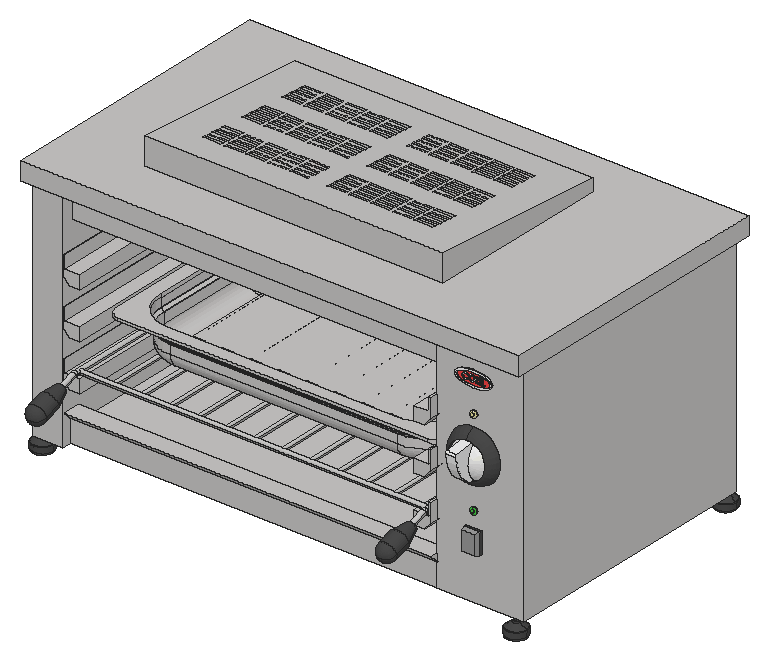
Revit family "QF_COZIL_SLEC-80", category Equipamento especial, Revit 2020 (continued)
Lines and regions (mm)
  symbolic lines
    curve 494: line (220.242, -326.5, 0) -> (220.242, -321.5, 0)
    curve 495: line (250.242, -326.5, 0) -> (220.242, -326.5, 0)
    curve 496: line (250.242, -321.5, 0) -> (250.242, -326.5, 0)
    curve 497: line (255.242, -321.5, 0) -> (285.242, -321.5, 0)
    curve 498: line (255.242, -326.5, 0) -> (255.242, -321.5, 0)
    curve 499: line (285.242, -326.5, 0) -> (255.242, -326.5, 0)
    curve 500: line (285.242, -321.5, 0) -> (285.242, -326.5, 0)
    curve 501: line (290.242, -321.5, 0) -> (320.242, -321.5, 0)
    curve 502: line (290.242, -326.5, 0) -> (290.242, -321.5, 0)
    curve 503: line (320.242, -326.5, 0) -> (290.242, -326.5, 0)
    curve 504: line (320.242, -321.5, 0) -> (320.242, -326.5, 0)
    curve 505: line (325.242, -321.5, 0) -> (355.242, -321.5, 0)
    curve 506: line (325.242, -326.5, 0) -> (325.242, -321.5, 0)
    curve 507: line (355.242, -326.5, 0) -> (325.242, -326.5, 0)
    curve 508: line (355.242, -321.5, 0) -> (355.242, -326.5, 0)
    curve 509: line (385.242, -281.5, 0) -> (415.242, -281.5, 0)
    curve 510: line (385.242, -286.5, 0) -> (385.242, -281.5, 0)
    curve 511: line (415.242, -286.5, 0) -> (385.242, -286.5, 0)
    curve 512: line (415.242, -281.5, 0) -> (415.242, -286.5, 0)
    curve 513: line (420.242, -281.5, 0) -> (450.242, -281.5, 0)
    curve 514: line (420.242, -286.5, 0) -> (420.242, -281.5, 0)
    curve 515: line (450.242, -286.5, 0) -> (420.242, -286.5, 0)
    curve 516: line (450.242, -281.5, 0) -> (450.242, -286.5, 0)
    curve 517: line (455.242, -281.5, 0) -> (485.242, -281.5, 0)
    curve 518: line (455.242, -286.5, 0) -> (455.242, -281.5, 0)
    curve 519: line (485.242, -286.5, 0) -> (455.242, -286.5, 0)
    curve 520: line (485.242, -281.5, 0) -> (485.242, -286.5, 0)
    curve 521: line (490.242, -281.5, 0) -> (520.242, -281.5, 0)
    curve 522: line (490.242, -286.5, 0) -> (490.242, -281.5, 0)
    curve 523: line (520.242, -286.5, 0) -> (490.242, -286.5, 0)
    curve 524: line (520.242, -281.5, 0) -> (520.242, -286.5, 0)
    curve 525: line (525.242, -281.5, 0) -> (555.242, -281.5, 0)
    curve 526: line (525.242, -286.5, 0) -> (525.242, -281.5, 0)
    curve 527: line (555.242, -286.5, 0) -> (525.242, -286.5, 0)
    curve 528: line (555.242, -281.5, 0) -> (555.242, -286.5, 0)
    curve 529: line (385.242, -291.5, 0) -> (415.242, -291.5, 0)
    curve 530: line (385.242, -296.5, 0) -> (385.242, -291.5, 0)
    curve 531: line (415.242, -296.5, 0) -> (385.242, -296.5, 0)
    curve 532: line (415.242, -291.5, 0) -> (415.242, -296.5, 0)
    curve 533: line (420.242, -291.5, 0) -> (450.242, -291.5, 0)
    curve 534: line (420.242, -296.5, 0) -> (420.242, -291.5, 0)
    curve 535: line (450.242, -296.5, 0) -> (420.242, -296.5, 0)
    curve 536: line (450.242, -291.5, 0) -> (450.242, -296.5, 0)
    curve 537: line (455.242, -291.5, 0) -> (485.242, -291.5, 0)
    curve 538: line (455.242, -296.5, 0) -> (455.242, -291.5, 0)
    curve 539: line (485.242, -296.5, 0) -> (455.242, -296.5, 0)
    curve 540: line (485.242, -291.5, 0) -> (485.242, -296.5, 0)
    curve 541: line (490.242, -291.5, 0) -> (520.242, -291.5, 0)
    curve 542: line (490.242, -296.5, 0) -> (490.242, -291.5, 0)
    curve 543: line (520.242, -296.5, 0) -> (490.242, -296.5, 0)
    curve 544: line (520.242, -291.5, 0) -> (520.242, -296.5, 0)
    curve 545: line (525.242, -291.5, 0) -> (555.242, -291.5, 0)
    curve 546: line (525.242, -296.5, 0) -> (525.242, -291.5, 0)
    curve 547: line (555.242, -296.5, 0) -> (525.242, -296.5, 0)
    curve 548: line (555.242, -291.5, 0) -> (555.242, -296.5, 0)
    curve 549: line (385.242, -301.5, 0) -> (415.242, -301.5, 0)
    curve 550: line (385.242, -306.5, 0) -> (385.242, -301.5, 0)
    curve 551: line (415.242, -306.5, 0) -> (385.242, -306.5, 0)
    curve 552: line (415.242, -301.5, 0) -> (415.242, -306.5, 0)
    curve 553: line (420.242, -301.5, 0) -> (450.242, -301.5, 0)
    curve 554: line (420.242, -306.5, 0) -> (420.242, -301.5, 0)
    curve 555: line (450.242, -306.5, 0) -> (420.242, -306.5, 0)
    curve 556: line (450.242, -301.5, 0) -> (450.242, -306.5, 0)
    curve 557: line (455.242, -301.5, 0) -> (485.242, -301.5, 0)
    curve 558: line (455.242, -306.5, 0) -> (455.242, -301.5, 0)
    curve 559: line (485.242, -306.5, 0) -> (455.242, -306.5, 0)
    curve 560: line (485.242, -301.5, 0) -> (485.242, -306.5, 0)
    curve 561: line (490.242, -301.5, 0) -> (520.242, -301.5, 0)
    curve 562: line (490.242, -306.5, 0) -> (490.242, -301.5, 0)
    curve 563: line (520.242, -306.5, 0) -> (490.242, -306.5, 0)
    curve 564: line (520.242, -301.5, 0) -> (520.242, -306.5, 0)
    curve 565: line (525.242, -301.5, 0) -> (555.242, -301.5, 0)
    curve 566: line (525.242, -306.5, 0) -> (525.242, -301.5, 0)
    curve 567: line (555.242, -306.5, 0) -> (525.242, -306.5, 0)
    curve 568: line (555.242, -301.5, 0) -> (555.242, -306.5, 0)
    curve 569: line (385.242, -311.5, 0) -> (415.242, -311.5, 0)
    curve 570: line (385.242, -316.5, 0) -> (385.242, -311.5, 0)
    curve 571: line (415.242, -316.5, 0) -> (385.242, -316.5, 0)
    curve 572: line (415.242, -311.5, 0) -> (415.242, -316.5, 0)
    curve 573: line (420.242, -311.5, 0) -> (450.242, -311.5, 0)
    curve 574: line (420.242, -316.5, 0) -> (420.242, -311.5, 0)
    curve 575: line (450.242, -316.5, 0) -> (420.242, -316.5, 0)
    curve 576: line (450.242, -311.5, 0) -> (450.242, -316.5, 0)
    curve 577: line (455.242, -311.5, 0) -> (485.242, -311.5, 0)
    curve 578: line (455.242, -316.5, 0) -> (455.242, -311.5, 0)
    curve 579: line (485.242, -316.5, 0) -> (455.242, -316.5, 0)
    curve 580: line (485.242, -311.5, 0) -> (485.242, -316.5, 0)
    curve 581: line (490.242, -311.5, 0) -> (520.242, -311.5, 0)
    curve 582: line (490.242, -316.5, 0) -> (490.242, -311.5, 0)
    curve 583: line (520.242, -316.5, 0) -> (490.242, -316.5, 0)
    curve 584: line (520.242, -311.5, 0) -> (520.242, -316.5, 0)
    curve 585: line (525.242, -311.5, 0) -> (555.242, -311.5, 0)
    curve 586: line (525.242, -316.5, 0) -> (525.242, -311.5, 0)
    curve 587: line (555.242, -316.5, 0) -> (525.242, -316.5, 0)
    curve 588: line (555.242, -311.5, 0) -> (555.242, -316.5, 0)
    curve 589: line (385.242, -321.5, 0) -> (415.242, -321.5, 0)
    curve 590: line (385.242, -326.5, 0) -> (385.242, -321.5, 0)
    curve 591: line (415.242, -326.5, 0) -> (385.242, -326.5, 0)
    curve 592: line (415.242, -321.5, 0) -> (415.242, -326.5, 0)
    curve 593: line (420.242, -321.5, 0) -> (450.242, -321.5, 0)
    curve 594: line (420.242, -326.5, 0) -> (420.242, -321.5, 0)
    curve 595: line (450.242, -326.5, 0) -> (420.242, -326.5, 0)
    curve 596: line (450.242, -321.5, 0) -> (450.242, -326.5, 0)
    curve 597: line (455.242, -321.5, 0) -> (485.242, -321.5, 0)
    curve 598: line (455.242, -326.5, 0) -> (455.242, -321.5, 0)
    curve 599: line (485.242, -326.5, 0) -> (455.242, -326.5, 0)
    curve 600: line (485.242, -321.5, 0) -> (485.242, -326.5, 0)
    curve 601: line (490.242, -321.5, 0) -> (520.242, -321.5, 0)
    curve 602: line (490.242, -326.5, 0) -> (490.242, -321.5, 0)
    curve 603: line (520.242, -326.5, 0) -> (490.242, -326.5, 0)
    curve 604: line (520.242, -321.5, 0) -> (520.242, -326.5, 0)
    curve 605: line (525.242, -321.5, 0) -> (555.242, -321.5, 0)
    curve 606: line (525.242, -326.5, 0) -> (525.242, -321.5, 0)
    curve 607: line (555.242, -326.5, 0) -> (525.242, -326.5, 0)
    curve 608: line (555.242, -321.5, 0) -> (555.242, -326.5, 0)
Dimensions and locks
  "Length Actual": plane 3 "Centro (Esquerda/Direita)" to plane 5
  "Height Actual": plane 6 to plane 1 "Centro (Frontal/Traseira)"
  level to plane 10 = 20 mm
  plane 10 to plane 11 = 440 mm
  "Height Actual": level to plane 11
  level to plane 12 = 416.366 mm
  locked: plane 1 "Centro (Frontal/Traseira)" to Extrusion 2 sketch curve at 11
  locked: Extrusion 2 sketch curve to plane 6 at 11
  locked: plane 13 to plane 3 "Centro (Esquerda/Direita)" at 60
  locked: plane 5 to plane 14 at 150
  locked: Extrusion 1 sketch curve to plane 12 at 30
  Extrusion 3 sketch curve to Extrusion 2 = 17 mm
  locked: Extrusion 3 sketch curve to Extrusion 1 at 45
  locked: Extrusion 5 sketch curve to plane 10 at 50
  Extrusion 2 to Extrusion 6 sketch curve = 64 mm
  equal spacing: plane 14, plane 15, plane 13
  plane 12 to plane 11 = 43.634 mm
  nested 3 to plane 5 = 80.5 mm
  locked: plane 1 "Centro (Frontal/Traseira)" to plane 16 at 20
  locked: plane 17 to plane 6 at 20
  locked: plane 18 to plane 3 "Centro (Esquerda/Direita)" at 20
  locked: plane 5 to plane 19 at 20
  plane 10 to nested 11 = 331 mm
  locked: plane 20 to plane 5 at 11
  locked: plane 21 to plane 3 "Centro (Esquerda/Direita)" at 11
  plane 6 to plane 9 = 86 mm
  plane 9 to plane 4 = 300 mm
  plane 3 "Centro (Esquerda/Direita)" to plane 7 = 131.242 mm
  plane 8 to plane 5 = 190.758 mm
  equal spacing: plane 20, nested 3, plane 14
  equal spacing: plane 20, nested 11, plane 14
  equal spacing: plane 20, nested 9, plane 14
  equal spacing: plane 20, nested 10, plane 14
  plane 5 to Extrusion 10 sketch curve = 66 mm
  level to Extrusion 10 sketch curve = 89.2 mm
  aligned and locked: level to plane 2
  aligned and locked: Extrusion 1 sketch curve to plane 1 "Centro (Frontal/Traseira)"
  aligned and locked: plane 12 to Extrusion 1 sketch curve
  aligned and locked: plane 6 to Extrusion 1 sketch curve
  aligned and locked: Extrusion 2 sketch curve to plane 10
  aligned and locked: plane 13 to Extrusion 2
  aligned and locked: Extrusion 2 to Extrusion 1
  aligned and locked: plane 5 to Extrusion 1
  aligned and locked: Extrusion 3 sketch curve to Extrusion 1
  aligned and locked: plane 14 to Extrusion 3
  aligned and locked: Extrusion 4 sketch curve to Extrusion 2
  aligned and locked: Extrusion 2 to Extrusion 4 sketch curve
  aligned and locked: Extrusion 4 to plane 14
  aligned and locked: Extrusion 5 sketch curve to plane 10
  aligned and locked: Extrusion 6 sketch curve to Extrusion 3
  aligned and locked: Extrusion 6 to Extrusion 3
  aligned and locked: plane 14 to Extrusion 7 sketch curve  (x3)
  aligned and locked: Extrusion 8 sketch curve to plane 9
  aligned and locked: Extrusion 8 sketch curve to plane 12
  aligned and locked: plane 8 to Extrusion 8
  aligned and locked: Extrusion 8 to plane 7
  aligned and locked: plane 11 to Extrusion 8
  aligned and locked: Extrusion 9 to plane 11
  aligned and locked: plane 12 to Extrusion 9
  aligned and locked: plane 19 to nested 4
  aligned and locked: plane 19 to nested 5
  aligned and locked: plane 16 to nested 5
  aligned and locked: plane 17 to nested 4
  aligned and locked: plane 17 to nested 7
  aligned and locked: plane 18 to nested 7
  aligned and locked: plane 18 to nested 6
  aligned and locked: plane 16 to nested 6
  aligned and locked: plane 20 to cut or joined group of Extrusion 2, Extrusion 3, Extrusion 4, Extrusion 6
  aligned and locked: plane 21 to cut or joined group of Extrusion 2, Extrusion 3, Extrusion 4, Extrusion 6
  aligned and locked: cut or joined group of Extrusion 2, Extrusion 3, Extrusion 4, Extrusion 6 to cut or joined group of Extrusion 2, Extrusion 3, Extrusion 4, Extrusion 6
  aligned and locked: cut or joined group of Extrusion 2, Extrusion 3, Extrusion 4, Extrusion 6 to nested 11
  aligned and locked: cut or joined group of Extrusion 2, Extrusion 3, Extrusion 4, Extrusion 6 to Extrusion 7
  aligned and locked: cut or joined group of Extrusion 2, Extrusion 3, Extrusion 4, Extrusion 6 to Extrusion 5 sketch curve
  aligned and locked: cut or joined group of Extrusion 2, Extrusion 3, Extrusion 4, Extrusion 6 to nested 8
  aligned and locked: cut or joined group of Extrusion 2, Extrusion 3, Extrusion 4, Extrusion 6 to nested 10
  aligned and locked: cut or joined group of Extrusion 2, Extrusion 3, Extrusion 4, Extrusion 6 to nested 3
  aligned and locked: cut or joined group of Extrusion 2, Extrusion 3, Extrusion 4, Extrusion 6 to nested 9
Automatic sketch dimensions
  plane 12 to Extrusion 2 sketch curve = 30 mm
  Extrusion 4 to Extrusion 6 sketch curve = 0 mm
  Extrusion 7 sketch curve to Extrusion 6 = 0 mm  (x3)
  Extrusion 6 to Extrusion 7 sketch curve = 27 mm  (x2)
  Extrusion 7 sketch curve to Extrusion 6 = 86.266 mm  (x2)
  Extrusion 6 to Extrusion 7 sketch curve = 9.954 mm  (x6)
  Extrusion 7 sketch curve to Extrusion 7 sketch curve = 11.863 mm  (x6)
  Extrusion 7 sketch curve to Extrusion 7 sketch curve = 22 mm  (x2)
  Extrusion 6 to Extrusion 7 sketch curve = 3 mm  (x6)
  Extrusion 7 sketch curve to Extrusion 7 sketch curve = 10.137 mm  (x4)
  Extrusion 7 sketch curve to Extrusion 7 sketch curve = 20 mm  (x6)
  Extrusion 7 sketch curve to Extrusion 7 sketch curve = 33 mm  (x4)
  Extrusion 7 sketch curve to Extrusion 7 sketch curve = 24 mm  (x2)
  Extrusion 7 sketch curve to Extrusion 7 sketch curve = 17.046 mm  (x2)
  Extrusion 1 to Extrusion 9 sketch curve = 133.5 mm  (x2)
  Extrusion 9 sketch curve to Extrusion 9 sketch curve = 0 mm  (x288)
  Extrusion 9 sketch curve to Extrusion 9 sketch curve = 5 mm  (x268)
  Extrusion 9 sketch curve to Extrusion 9 sketch curve = 35 mm  (x3)
  Extrusion 1 to Extrusion 9 sketch curve = 244.758 mm
  Extrusion 9 sketch curve to Extrusion 9 sketch curve = 30 mm  (x38)
  curve 3 to plane 3 "Centro (Esquerda/Direita)" = 0 mm
  curve 6 to plane 4 = 0 mm
  curve 6 to plane 7 = 0 mm
  curve 8 to plane 8 = 0 mm
  curve 3 to plane 5 = 0 mm
  plane 6 to curve 4 = 0 mm
  plane 9 to curve 7 = 0 mm
  plane 1 "Centro (Frontal/Traseira)" to curve 1 = 0 mm
  plane 7 to curve 10 = 54 mm
  curve 9 to curve 12 = 30 mm
  curve 11 to plane 4 = 52.5 mm
  curve 11 to curve 9 = 5 mm
  curve 11 to curve 14 = 5 mm
  curve 13 to curve 16 = 30 mm
  curve 11 to curve 14 = 0 mm
  curve 15 to curve 13 = 5 mm
  curve 15 to curve 19 = 5 mm
  curve 17 to curve 17 = 30 mm
  curve 15 to curve 19 = 0 mm
  curve 19 to curve 20 = 5 mm
  curve 19 to curve 22 = 5 mm
  curve 21 to curve 24 = 30 mm
  curve 19 to curve 22 = 0 mm
  curve 22 to curve 21 = 5 mm
  curve 21 to curve 26 = 5 mm
  curve 25 to curve 28 = 30 mm
  curve 23 to curve 27 = 0 mm
  curve 27 to curve 28 = 5 mm
  curve 30 to curve 10 = 0 mm
  curve 29 to curve 11 = 0 mm
  curve 34 to curve 14 = 0 mm
  curve 33 to curve 15 = 0 mm
  curve 38 to curve 18 = 0 mm
  curve 39 to curve 19 = 0 mm
  curve 41 to curve 22 = 0 mm
  curve 44 to curve 23 = 0 mm
  curve 45 to curve 26 = 0 mm
  curve 48 to curve 27 = 0 mm
  curve 46 to curve 26 = 10 mm
  curve 42 to curve 22 = 10 mm
  curve 40 to curve 42 = 0 mm
  curve 36 to curve 38 = 0 mm
  curve 32 to curve 34 = 0 mm
  curve 34 to curve 14 = 5 mm
  curve 44 to curve 23 = 5 mm
  curve 32 to curve 11 = 5 mm
  curve 47 to curve 48 = 5 mm
  curve 37 to curve 18 = 5 mm
  curve 50 to curve 30 = 0 mm
  curve 49 to curve 31 = 0 mm
  curve 51 to curve 55 = 5 mm
  curve 55 to curve 35 = 0 mm
  curve 55 to curve 59 = 5 mm
  curve 59 to curve 39 = 0 mm
  curve 59 to curve 63 = 5 mm
  curve 64 to curve 43 = 0 mm
  curve 63 to curve 67 = 5 mm
  curve 65 to curve 47 = 0 mm
  curve 66 to curve 46 = 10 mm
  curve 51 to curve 30 = 10 mm
  curve 64 to curve 67 = 0 mm
  curve 51 to curve 54 = 0 mm
  curve 60 to curve 63 = 0 mm
  curve 58 to curve 58 = 5 mm
  curve 63 to curve 61 = 5 mm
  curve 56 to curve 57 = 0 mm
  curve 66 to curve 65 = 5 mm
  curve 52 to curve 31 = 5 mm
  curve 69 to curve 50 = 0 mm
  curve 72 to curve 51 = 0 mm
  curve 71 to curve 75 = 5 mm
  curve 73 to curve 55 = 0 mm
  curve 77 to curve 58 = 0 mm
  curve 80 to curve 59 = 0 mm
  curve 77 to curve 82 = 5 mm
  curve 84 to curve 63 = 0 mm
  curve 81 to curve 85 = 5 mm
  curve 88 to curve 67 = 0 mm
  curve 86 to curve 66 = 10 mm
  curve 71 to curve 50 = 10 mm
  curve 84 to curve 87 = 0 mm
  curve 71 to curve 74 = 0 mm
  curve 80 to curve 83 = 0 mm
  curve 78 to curve 58 = 5 mm
  curve 83 to curve 81 = 5 mm
  curve 76 to curve 55 = 5 mm
  curve 86 to curve 85 = 5 mm
  curve 72 to curve 51 = 5 mm
  curve 89 to curve 70 = 0 mm
  curve 92 to curve 71 = 0 mm
  curve 91 to curve 95 = 5 mm
  curve 95 to curve 75 = 0 mm
  curve 95 to curve 98 = 5 mm
  curve 97 to curve 79 = 0 mm
  curve 99 to curve 103 = 5 mm
  curve 101 to curve 83 = 0 mm
  curve 101 to curve 105 = 5 mm
  curve 108 to curve 87 = 0 mm
  curve 106 to curve 86 = 10 mm
  curve 92 to curve 71 = 10 mm
  curve 91 to curve 94 = 0 mm
  curve 104 to curve 106 = 0 mm
  curve 100 to curve 102 = 0 mm
  curve 98 to curve 98 = 5 mm
  curve 103 to curve 101 = 5 mm
  curve 96 to curve 97 = 0 mm
  curve 101 to curve 105 = 0 mm
  curve 91 to curve 92 = 5 mm
  curve 105 to curve 190 = 30 mm
  curve 149 to curve 189 = 0 mm
  curve 130 to curve 149 = 0 mm
  curve 109 to curve 129 = 0 mm
  curve 169 to curve 150 = 0 mm
  curve 169 to curve 172 = 30 mm
  curve 112 to curve 169 = 0 mm
  curve 152 to curve 169 = 0 mm
  curve 189 to curve 172 = 0 mm
  curve 132 to curve 149 = 0 mm
  curve 152 to curve 154 = 5 mm
  curve 171 to curve 174 = 5 mm
  curve 109 to curve 113 = 5 mm
  curve 193 to curve 174 = 0 mm
  curve 133 to curve 114 = 0 mm
  curve 135 to curve 135 = 30 mm
  curve 173 to curve 135 = 0 mm
  curve 113 to curve 133 = 0 mm
  curve 193 to curve 175 = 0 mm
  curve 156 to curve 173 = 0 mm
  curve 115 to curve 119 = 5 mm
  curve 195 to curve 199 = 5 mm
  curve 155 to curve 159 = 5 mm
  curve 135 to curve 139 = 5 mm
  curve 178 to curve 158 = 0 mm
  curve 117 to curve 117 = 30 mm
  curve 139 to curve 119 = 0 mm
  curve 157 to curve 139 = 0 mm
  curve 177 to curve 159 = 0 mm
  curve 197 to curve 179 = 0 mm
  curve 137 to curve 141 = 5 mm
  curve 123 to curve 141 = 0 mm
  curve 162 to curve 142 = 0 mm
  curve 181 to curve 162 = 0 mm
  curve 200 to curve 201 = 5 mm
  curve 203 to curve 204 = 30 mm
  curve 164 to curve 201 = 0 mm
  curve 144 to curve 161 = 0 mm
  curve 121 to curve 141 = 0 mm
  curve 181 to curve 164 = 0 mm
  curve 181 to curve 185 = 5 mm
  curve 123 to curve 126 = 5 mm
  curve 145 to curve 126 = 0 mm
  curve 203 to curve 207 = 5 mm
  curve 165 to curve 146 = 0 mm
  curve 165 to curve 168 = 30 mm
  curve 148 to curve 165 = 0 mm
  curve 205 to curve 167 = 0 mm
  curve 188 to curve 205 = 0 mm
  curve 128 to curve 145 = 0 mm
  curve 206 to plane 4 = 92.5 mm
  curve 204 to curve 206 = 0 mm
  curve 200 to curve 202 = 0 mm
  curve 196 to curve 198 = 0 mm
  curve 192 to curve 195 = 0 mm
  curve 191 to curve 189 = 5 mm
  curve 194 to curve 193 = 5 mm
  curve 193 to curve 197 = 0 mm
  curve 203 to curve 201 = 5 mm
  curve 206 to curve 205 = 5 mm
  curve 201 to curve 184 = 5 mm
  curve 183 to curve 186 = 0 mm
  curve 189 to curve 170 = 5 mm
  curve 171 to curve 174 = 0 mm
  curve 175 to curve 178 = 0 mm
  curve 183 to curve 182 = 5 mm
  curve 179 to curve 180 = 5 mm
  curve 176 to curve 176 = 5 mm
  curve 171 to curve 172 = 5 mm
  curve 188 to curve 188 = 5 mm
  curve 181 to curve 163 = 5 mm
  curve 177 to curve 160 = 5 mm
  curve 173 to curve 156 = 5 mm
  curve 169 to curve 152 = 5 mm
  curve 185 to curve 166 = 5 mm
  curve 151 to curve 149 = 5 mm
  curve 163 to curve 164 = 5 mm
  curve 152 to curve 153 = 0 mm
  curve 166 to curve 165 = 5 mm
  curve 158 to curve 157 = 5 mm
  curve 149 to curve 130 = 5 mm
  curve 131 to curve 134 = 0 mm
  curve 135 to curve 138 = 0 mm
  curve 165 to curve 148 = 5 mm
  curve 161 to curve 142 = 5 mm
  curve 146 to curve 145 = 5 mm
  curve 143 to curve 144 = 5 mm
  curve 139 to curve 140 = 5 mm
  curve 135 to curve 136 = 5 mm
  curve 132 to curve 133 = 0 mm
  curve 145 to curve 128 = 5 mm
  curve 141 to curve 124 = 5 mm
  curve 137 to curve 120 = 5 mm
  curve 133 to curve 116 = 5 mm
  curve 129 to curve 112 = 5 mm
  curve 127 to curve 128 = 5 mm
  curve 123 to curve 124 = 5 mm
  curve 119 to curve 120 = 5 mm
  curve 115 to curve 116 = 5 mm
  curve 112 to curve 113 = 0 mm
  curve 249 to curve 90 = 0 mm
  curve 231 to curve 249 = 0 mm
  curve 211 to curve 229 = 0 mm
  curve 291 to curve 250 = 0 mm
  curve 269 to curve 250 = 0 mm
  curve 269 to curve 272 = 30 mm
  curve 292 to curve 272 = 0 mm
  curve 249 to curve 269 = 0 mm
  curve 232 to curve 249 = 0 mm
  curve 209 to curve 229 = 0 mm
  curve 251 to curve 255 = 5 mm
  curve 273 to curve 254 = 0 mm
  curve 211 to curve 215 = 5 mm
  curve 289 to curve 294 = 5 mm
  curve 233 to curve 215 = 0 mm
  curve 233 to curve 236 = 30 mm
  curve 276 to curve 235 = 0 mm
  curve 293 to curve 275 = 0 mm
  curve 213 to curve 233 = 0 mm
  curve 256 to curve 273 = 0 mm
  curve 213 to curve 217 = 5 mm
  curve 295 to curve 298 = 5 mm
  curve 275 to curve 279 = 5 mm
  curve 259 to curve 278 = 0 mm
  curve 237 to curve 218 = 0 mm
  curve 237 to curve 240 = 30 mm
  curve 297 to curve 239 = 0 mm
  curve 280 to curve 297 = 0 mm
  curve 260 to curve 239 = 0 mm
  curve 220 to curve 237 = 0 mm
  curve 217 to curve 221 = 5 mm
  curve 239 to curve 242 = 5 mm
  curve 259 to curve 262 = 5 mm
  curve 299 to curve 303 = 5 mm
  curve 279 to curve 283 = 5 mm
  curve 281 to curve 281 = 30 mm
  curve 264 to curve 281 = 0 mm
  curve 244 to curve 261 = 0 mm
  curve 304 to curve 284 = 0 mm
  curve 221 to curve 241 = 0 mm
  curve 241 to curve 246 = 5 mm
  curve 261 to curve 266 = 5 mm
  curve 283 to curve 287 = 5 mm
  curve 221 to curve 225 = 5 mm
  curve 301 to curve 305 = 5 mm
  curve 306 to curve 308 = 30 mm
  curve 226 to curve 228 = 30 mm
  curve 285 to curve 305 = 0 mm
  curve 247 to curve 227 = 0 mm
  curve 265 to curve 247 = 0 mm
  curve 285 to curve 369 = 30 mm
  curve 330 to curve 369 = 0 mm
  curve 391 to curve 370 = 0 mm
  curve 349 to curve 330 = 0 mm
  curve 309 to curve 329 = 0 mm
  curve 309 to curve 312 = 30 mm
  curve 352 to curve 312 = 0 mm
  curve 369 to curve 351 = 0 mm
  curve 389 to curve 371 = 0 mm
  curve 332 to curve 349 = 0 mm
  curve 351 to curve 355 = 5 mm
  curve 331 to curve 335 = 5 mm
  curve 389 to curve 393 = 5 mm
  curve 315 to curve 333 = 0 mm
  curve 373 to curve 354 = 0 mm
  curve 393 to curve 393 = 30 mm
  curve 376 to curve 393 = 0 mm
  curve 356 to curve 373 = 0 mm
  curve 313 to curve 353 = 0 mm
  curve 336 to curve 353 = 0 mm
  curve 336 to curve 337 = 5 mm
  curve 393 to curve 397 = 5 mm
  curve 375 to curve 379 = 5 mm
  curve 319 to curve 337 = 0 mm
  curve 353 to curve 357 = 5 mm
  curve 399 to curve 399 = 30 mm
  curve 377 to curve 397 = 0 mm
  curve 340 to curve 377 = 0 mm
  curve 360 to curve 377 = 0 mm
  curve 317 to curve 337 = 0 mm
  curve 319 to curve 323 = 5 mm
  curve 377 to curve 382 = 5 mm
  curve 400 to curve 401 = 5 mm
  curve 357 to curve 361 = 5 mm
  curve 341 to curve 322 = 0 mm
  curve 341 to curve 344 = 30 mm
  curve 381 to curve 343 = 0 mm
  curve 403 to curve 383 = 0 mm
  curve 324 to curve 341 = 0 mm
  curve 361 to curve 343 = 0 mm
  curve 361 to curve 365 = 5 mm
  curve 383 to curve 387 = 5 mm
  curve 343 to curve 347 = 5 mm
  curve 405 to curve 386 = 0 mm
  curve 327 to curve 345 = 0 mm
  curve 366 to curve 368 = 30 mm
  curve 385 to curve 367 = 0 mm
  curve 348 to curve 365 = 0 mm
  curve 328 to curve 345 = 0 mm
  curve 408 to curve 387 = 0 mm
  curve 406 to curve 206 = 80 mm
  curve 306 to curve 106 = 80 mm
  curve 304 to curve 306 = 0 mm
  curve 404 to curve 406 = 0 mm
  curve 300 to curve 302 = 0 mm
  curve 400 to curve 402 = 0 mm
  curve 296 to curve 298 = 0 mm
  curve 396 to curve 398 = 0 mm
  curve 292 to curve 294 = 0 mm
  curve 392 to curve 395 = 0 mm
  curve 291 to curve 289 = 5 mm
  curve 391 to curve 389 = 5 mm
  curve 394 to curve 393 = 5 mm
  curve 289 to curve 293 = 0 mm
  curve 393 to curve 397 = 0 mm
  curve 293 to curve 297 = 0 mm
  curve 403 to curve 401 = 5 mm
  curve 303 to curve 301 = 5 mm
  curve 406 to curve 405 = 5 mm
  curve 301 to curve 305 = 0 mm
  curve 305 to curve 288 = 5 mm
  curve 405 to curve 388 = 5 mm
  curve 298 to curve 279 = 5 mm
  curve 289 to curve 270 = 5 mm
  curve 279 to curve 282 = 0 mm
  curve 384 to curve 387 = 0 mm
  curve 271 to curve 274 = 0 mm
  curve 389 to curve 370 = 5 mm
  curve 371 to curve 374 = 0 mm
  curve 380 to curve 382 = 0 mm
  curve 278 to curve 278 = 5 mm
  curve 379 to curve 380 = 5 mm
  curve 375 to curve 376 = 5 mm
  curve 383 to curve 381 = 5 mm
  curve 276 to curve 276 = 5 mm
  curve 371 to curve 372 = 5 mm
  curve 271 to curve 269 = 5 mm
  curve 288 to curve 288 = 5 mm
  curve 386 to curve 385 = 5 mm
  curve 283 to curve 284 = 5 mm
  curve 369 to curve 350 = 5 mm
  curve 269 to curve 250 = 5 mm
  curve 351 to curve 354 = 0 mm
  curve 273 to curve 254 = 5 mm
  curve 377 to curve 358 = 5 mm
  curve 278 to curve 258 = 5 mm
  curve 381 to curve 362 = 5 mm
  curve 281 to curve 262 = 5 mm
  curve 385 to curve 366 = 5 mm
  curve 285 to curve 266 = 5 mm
  curve 268 to curve 268 = 5 mm
  curve 263 to curve 264 = 5 mm
  curve 259 to curve 260 = 5 mm
  curve 256 to curve 256 = 5 mm
  curve 251 to curve 252 = 5 mm
  curve 366 to curve 366 = 5 mm
  curve 363 to curve 364 = 5 mm
  curve 359 to curve 360 = 5 mm
  curve 355 to curve 356 = 5 mm
  curve 351 to curve 352 = 5 mm
  curve 357 to curve 339 = 5 mm
  curve 253 to curve 235 = 5 mm
  curve 235 to curve 238 = 0 mm
  curve 339 to curve 342 = 0 mm
  curve 239 to curve 242 = 0 mm
  curve 343 to curve 346 = 0 mm
  curve 232 to curve 234 = 0 mm
  curve 336 to curve 339 = 0 mm
  curve 243 to curve 246 = 0 mm
  curve 332 to curve 334 = 0 mm
  curve 335 to curve 333 = 5 mm
  curve 331 to curve 329 = 5 mm
  curve 247 to curve 248 = 5 mm
  curve 230 to curve 229 = 5 mm
  curve 338 to curve 337 = 5 mm
  curve 234 to curve 233 = 5 mm
  curve 342 to curve 341 = 5 mm
  curve 238 to curve 237 = 5 mm
  curve 243 to curve 244 = 5 mm
  curve 347 to curve 348 = 5 mm
  curve 241 to curve 223 = 5 mm
  curve 341 to curve 323 = 5 mm
  curve 237 to curve 220 = 5 mm
  curve 337 to curve 320 = 5 mm
  curve 233 to curve 216 = 5 mm
  curve 333 to curve 316 = 5 mm
  curve 229 to curve 210 = 5 mm
  curve 245 to curve 228 = 5 mm
  curve 329 to curve 312 = 5 mm
  curve 345 to curve 326 = 5 mm
  curve 327 to curve 328 = 5 mm
  curve 226 to curve 225 = 5 mm
  curve 223 to curve 224 = 5 mm
  curve 323 to curve 324 = 5 mm
  curve 219 to curve 220 = 5 mm
  curve 319 to curve 320 = 5 mm
  curve 310 to curve 310 = 5 mm
  curve 216 to curve 217 = 0 mm
  curve 315 to curve 316 = 5 mm
  curve 211 to curve 212 = 5 mm
  curve 450 to curve 290 = 0 mm
  curve 430 to curve 449 = 0 mm
  curve 411 to curve 429 = 0 mm
  curve 491 to curve 450 = 0 mm
  curve 469 to curve 450 = 0 mm
  curve 470 to curve 471 = 30 mm
  curve 489 to curve 472 = 0 mm
  curve 409 to curve 469 = 0 mm
  curve 452 to curve 469 = 0 mm
  curve 429 to curve 411 = 0 mm
  curve 429 to curve 434 = 5 mm
  curve 415 to curve 433 = 0 mm
  curve 453 to curve 434 = 0 mm
  curve 473 to curve 454 = 0 mm
  curve 489 to curve 493 = 5 mm
  curve 433 to curve 436 = 30 mm
  curve 416 to curve 433 = 0 mm
  curve 453 to curve 435 = 0 mm
  curve 495 to curve 455 = 0 mm
  curve 473 to curve 455 = 0 mm
  curve 475 to curve 478 = 5 mm
  curve 459 to curve 478 = 0 mm
  curve 495 to curve 499 = 5 mm
  curve 413 to curve 417 = 5 mm
  curve 437 to curve 418 = 0 mm
  curve 438 to curve 440 = 30 mm
  curve 480 to curve 439 = 0 mm
  curve 420 to curve 437 = 0 mm
  curve 497 to curve 480 = 0 mm
  curve 457 to curve 439 = 0 mm
  curve 457 to curve 462 = 5 mm
  curve 437 to curve 441 = 5 mm
  curve 499 to curve 503 = 5 mm
  curve 479 to curve 483 = 5 mm
  curve 423 to curve 441 = 0 mm
  curve 421 to curve 421 = 30 mm
  curve 501 to curve 504 = 30 mm
  curve 481 to curve 501 = 0 mm
  curve 441 to curve 423 = 0 mm
  curve 463 to curve 481 = 0 mm
  curve 463 to curve 467 = 5 mm
  curve 441 to curve 445 = 5 mm
  curve 483 to curve 487 = 5 mm
  curve 427 to curve 445 = 0 mm
  curve 501 to curve 505 = 5 mm
  curve 505 to curve 508 = 30 mm
  curve 425 to curve 425 = 30 mm
  curve 445 to curve 427 = 0 mm
  curve 465 to curve 447 = 0 mm
  curve 485 to curve 468 = 0 mm
  curve 485 to curve 570 = 30 mm
  curve 589 to curve 570 = 0 mm
  curve 551 to curve 569 = 0 mm
  curve 509 to curve 549 = 0 mm
  curve 529 to curve 510 = 0 mm
  curve 530 to curve 532 = 30 mm
  curve 590 to curve 592 = 30 mm
  curve 512 to curve 529 = 0 mm
  curve 572 to curve 589 = 0 mm
  curve 549 to curve 531 = 0 mm
  curve 591 to curve 595 = 5 mm
  curve 551 to curve 555 = 5 mm
  curve 531 to curve 535 = 5 mm
  curve 515 to curve 533 = 0 mm
  curve 571 to curve 575 = 5 mm
  curve 533 to curve 533 = 30 mm
  curve 573 to curve 535 = 0 mm
  curve 513 to curve 533 = 0 mm
  curve 593 to curve 575 = 0 mm
  curve 553 to curve 535 = 0 mm
  curve 516 to curve 517 = 5 mm
  curve 575 to curve 578 = 5 mm
  curve 535 to curve 539 = 5 mm
  curve 595 to curve 599 = 5 mm
  curve 555 to curve 559 = 5 mm
  curve 558 to curve 559 = 30 mm
  curve 517 to curve 557 = 0 mm
  curve 597 to curve 560 = 0 mm
  curve 580 to curve 597 = 0 mm
  curve 537 to curve 519 = 0 mm
  curve 539 to curve 543 = 5 mm
  curve 599 to curve 603 = 5 mm
  curve 577 to curve 581 = 5 mm
  curve 563 to curve 581 = 0 mm
  curve 523 to curve 541 = 0 mm
  curve 582 to curve 584 = 30 mm
  curve 521 to curve 581 = 0 mm
  curve 604 to curve 583 = 0 mm
  curve 561 to curve 581 = 0 mm
  curve 544 to curve 561 = 0 mm
  curve 541 to curve 545 = 5 mm
  curve 527 to curve 545 = 0 mm
  curve 583 to curve 587 = 5 mm
  curve 605 to curve 586 = 0 mm
  curve 565 to curve 546 = 0 mm
  curve 566 to curve 568 = 30 mm
  curve 608 to curve 567 = 0 mm
  curve 585 to curve 567 = 0 mm
  curve 525 to curve 565 = 0 mm
  curve 548 to curve 565 = 0 mm
  curve 606 to plane 9 = 47.5 mm
  curve 491 to plane 9 = 47.5 mm
  curve 604 to curve 606 = 0 mm
  curve 491 to curve 494 = 0 mm
  curve 600 to curve 602 = 0 mm
  curve 495 to curve 498 = 0 mm
  curve 596 to curve 598 = 0 mm
  curve 499 to curve 502 = 0 mm
  curve 592 to curve 595 = 0 mm
  curve 503 to curve 506 = 0 mm
  curve 490 to curve 489 = 5 mm
  curve 507 to curve 508 = 5 mm
  curve 591 to curve 589 = 5 mm
  curve 595 to curve 593 = 5 mm
  curve 503 to curve 504 = 5 mm
  curve 593 to curve 597 = 0 mm
  curve 499 to curve 500 = 5 mm
  curve 602 to curve 601 = 5 mm
  curve 496 to curve 497 = 0 mm
  curve 606 to curve 605 = 5 mm
  curve 505 to curve 488 = 5 mm
  curve 589 to curve 570 = 5 mm
  curve 484 to curve 487 = 0 mm
  curve 571 to curve 574 = 0 mm
  curve 480 to curve 483 = 0 mm
  curve 575 to curve 578 = 0 mm
  curve 476 to curve 478 = 0 mm
  curve 579 to curve 582 = 0 mm
  curve 472 to curve 474 = 0 mm
  curve 605 to curve 586 = 5 mm
  curve 471 to curve 469 = 5 mm
  curve 587 to curve 588 = 5 mm
  curve 474 to curve 473 = 5 mm
  curve 583 to curve 584 = 5 mm
  curve 478 to curve 477 = 5 mm
  curve 579 to curve 580 = 5 mm
  curve 482 to curve 481 = 5 mm
  curve 575 to curve 576 = 5 mm
  curve 481 to curve 485 = 0 mm
  curve 571 to curve 572 = 5 mm
  curve 585 to curve 568 = 5 mm
  curve 469 to curve 450 = 5 mm
  curve 581 to curve 564 = 5 mm
  curve 473 to curve 454 = 5 mm
  curve 577 to curve 560 = 5 mm
  curve 478 to curve 458 = 5 mm
  curve 573 to curve 556 = 5 mm
  curve 481 to curve 462 = 5 mm
  curve 552 to curve 554 = 0 mm
  curve 485 to curve 466 = 5 mm
  curve 467 to curve 468 = 5 mm
  curve 551 to curve 549 = 5 mm
  curve 463 to curve 464 = 5 mm
  curve 552 to curve 553 = 0 mm
  curve 459 to curve 460 = 5 mm
  curve 558 to curve 557 = 5 mm
  curve 562 to curve 561 = 5 mm
  curve 456 to curve 457 = 0 mm
  curve 566 to curve 565 = 5 mm
  curve 451 to curve 452 = 5 mm
  curve 565 to curve 548 = 5 mm
  curve 465 to curve 447 = 5 mm
  curve 549 to curve 530 = 5 mm
  curve 461 to curve 444 = 5 mm
  curve 531 to curve 534 = 0 mm
  curve 457 to curve 440 = 5 mm
  curve 535 to curve 538 = 0 mm
  curve 453 to curve 436 = 5 mm
  curve 539 to curve 542 = 0 mm
  curve 432 to curve 434 = 0 mm
  curve 538 to curve 538 = 5 mm
  curve 547 to curve 548 = 5 mm
  curve 430 to curve 430 = 5 mm
  curve 429 to curve 433 = 0 mm
  curve 543 to curve 544 = 5 mm
  curve 433 to curve 437 = 0 mm
  curve 443 to curve 441 = 5 mm
  curve 535 to curve 536 = 5 mm
  curve 446 to curve 445 = 5 mm
  curve 532 to curve 533 = 0 mm
  curve 545 to curve 527 = 5 mm
  curve 445 to curve 428 = 5 mm
  curve 541 to curve 524 = 5 mm
  curve 441 to curve 424 = 5 mm
  curve 537 to curve 520 = 5 mm
  curve 437 to curve 420 = 5 mm
  curve 533 to curve 516 = 5 mm
  curve 433 to curve 416 = 5 mm
  curve 529 to curve 512 = 5 mm
  curve 429 to curve 412 = 5 mm
  curve 527 to curve 526 = 5 mm
  curve 427 to curve 428 = 5 mm
  curve 523 to curve 524 = 5 mm
  curve 423 to curve 424 = 5 mm
  curve 519 to curve 520 = 5 mm
  curve 419 to curve 420 = 5 mm
  curve 510 to curve 509 = 5 mm
  curve 515 to curve 516 = 5 mm
  curve 416 to curve 417 = 0 mm
  curve 411 to curve 412 = 5 mm
  Extrusion 3 sketch curve to Extrusion 2 = 0 mm
  Extrusion 3 to Extrusion 4 sketch curve = 0 mm
  Extrusion 6 sketch curve to Extrusion 4 = 0 mm
  Extrusion 3 to Extrusion 4 sketch curve = 5 mm
  Extrusion 5 sketch curve to Extrusion 2 = 0 mm
  Extrusion 5 sketch curve to Extrusion 2 = 14 mm
  Extrusion 5 sketch curve to Extrusion 5 sketch curve = 15 mm
  Extrusion 5 sketch curve to Extrusion 2 = 25 mm
  Extrusion 5 sketch curve to Extrusion 5 sketch curve = 11 mm
  Extrusion 8 sketch curve to plane 4 = 0 mm
  plane 11 to Extrusion 8 sketch curve = 0 mm
  Extrusion 8 sketch curve to plane 12 = 20 mm
  radius of Extrusion 10 sketch curve = 9.525 mm
Nested families
  nested 1: "GRELHA SALAMANDRA" at (78.242, -450, 132.266), type "GRELHA SALAMANDRA", detail levels fine
  nested 2: "GN 1-1-65" at (355, -235, 160.861) x (0, 1, 0) z (0, 0, 1), type "CUBA BANHO MARIA", detail levels fine
  nested 3: "Botão Fogão" at (719.5, -449, 198.541), type "Botão Fogão"
    with Weight 0.00 kg, Watts 0 W, Waste Water Discharge Temperature -273.15 °C, Waste Remarks "", Warranty Start Date "", Warranty Duration "", Volts 0 V, Volt Free Conn yes, Ventilation Remarks "", URL Recommended Spares List "", URL Manufacturer "", URL Cutsheet "", URL Critical Spares List "", Technical Documentation "", Tag Number "", Steam type "", Steam Supply Volume 0.0 m³/h, Steam Supply Size 0 mm, Steam Supply RI Height 0 mm, Steam Supply Minimum Pressure 0.0 Pa, Steam Supply Maximum Pressure 0.0 Pa, Steam Supply Connection Height 0 mm, Steam Remarks "", Steam Pounds per Hour 0, Status "", Start Up Current 0 A, Specification by User "", Specification by Manufacturer "", Sound Level "", Solid Fuel Type "", Show Logo yes, Show Clearances yes, Service Life Duration "", Serial Number "", Sensible Heat Output 0 Btu/h, Seismic Rating "", SMACNA No "", Revision Code "", Revision "", Refrigeration Working Pressure 0.0 Pa, Refrigeration Suction Line Size 0 mm, Refrigeration Liquid Line Size 0 mm, Refrigeration Evaporation Temperature -273.15 °C, Refrigeration Energy Efficiency Index "", Refrigeration Defrost Drain yes, Refrigeration Climate Class "", Refrigerant Type "", Refrigerant Mass 0, Refrigerant Flow 0.0 m³/h, Refrigerant Compressor Remote yes, Production Year "", Preheated Hot Water Temperature Recommended -273.15 °C, Preheated Hot Water Size 0 mm, Preheated Hot Water RI Height 0 mm, Preheated Hot Water Quality "", Preheated Hot Water Minimum Pressure 0.0 Pa, Preheated Hot Water Maximum Pressure 0.0 Pa, Preheated Hot Water Flow 0.0 m³/h, Preheated Hot Water Connection Height 0 mm, Potential Equalisation yes, Point Load 0, Plumbing Remarks "", Plumbing Connection Type "", Phase 0, Other Equipment Approvals "", Operational Current 0 A, Odor Trap Included yes, Number of Poles 1, No Load Power Draw yes, National Water Regulation Certification yes, NAFEM Spec ID Number "", Model Warning "", Min Ckt Ampacity 0 A, Mechanical Remarks "", Mechanical Connection Type "", Max Overcurrent Protection 0 A, Masterspec "", Main switch integrated yes, MU Air Volume 0.0 L/s, MU Air Vent Width 0 mm, MU Air Vent Diameter 0 mm, MU Air Vent Depth 0 mm, MU Air Static Press 0.0 Pa, MU Air Speed at Spigot 0.0 L/s, MU Air RI Height 0 mm, Length Actual 0 mm, Latent Heat Output 0 Btu/h, Item Number "", Installed By "", Installation Date "", Ingress Protection Code "", Indirect Waste Size 0 mm, Indirect Waste Flow 0.0 m³/h, Indirect Waste Connection Type "", Indirect Waste Connection Height 0 mm, Identify Quantity as Lot yes, ID "", Hygiene Approval "", Hot Water Temperature -273.15 °C, Hot Water Supply Temperature -273.15 °C, Hot Water Size 0 mm, Hot Water RI Height 0 mm, Hot Water Quality "", Hot Water Minimum Pressure 0.0 Pa, Hot Water Maximum Pressure 0.0 Pa, Hot Water Flow 0.0 m³/h, Hot Water Consumption "", Hot Water Connection Height 0 mm, Height Actual 0 mm, HP "", Gas Size Flexible 0 mm, Gas Size Fixed 0 mm, Gas Size 0 mm, Gas RI Height 0 mm, Gas Input 0 Btu/h, Gas Flow 0.0 m³/h, Gas Connection Height 0 mm, Furnished By "", Fuel Type "", Foodservice Equipment Identifier yes, Flue Type "", Filtered Treated Water Supply Size 0 mm, Filtered Treated Water Recommended Temperature -273.15 °C, Filtered Treated Water RI Height 0 mm, Filtered Treated Water Quality "", Filtered Treated Water Minimum Pressure 0.0 Pa, Filtered Treated Water Maximum Pressure 0.0 Pa, Filtered Treated Water Flow 0.0 m³/h, Filtered Treated Water Consumption "", Filtered Treated Water Connection Height 0 mm, FL Amps 0 A, Exhaust Volume 0.0 L/s, Exhaust Vent Width 0 mm, Exhaust Vent Height 0 mm, Exhaust Vent Diameter 0 mm, Exhaust Vent Depth 0 mm, Exhaust Static Press 0.0 Pa, Exhaust Speed at Spigot 0.0 L/s, Exhaust RI Height 0 mm, Exhaust Air Temperature -273.15 °C, Exhaust Air Humidity 0, Energy Efficiency Labelling "", Electrical Remarks "", Electric Connection Type "", Elec Conn RI Height 0 mm, Elec Conn Connection Height 0 mm, Earth Leakage Switch necessary yes, Earth Leakage Switch Type "", ETL Approved yes, Direct Waste Size 0 mm, Direct Waste RI Height 0 mm, Direct Waste Flow 0.0 m³/h, Direct Waste Connection Height 0 mm, Direct Heat Output 0 Btu/h, Digital Connectivity Description "", Depth Actual 0 mm, Cycle 0 Hz, Connection to energy optimisation system yes, Conn Plug "", Conn Conduit yes, Condensate Return Size 0 mm, Condensate Return RI Height 0 mm, Condensate Return Connection Height 0 mm, Compressed Air Volume 0.0 m³/h, Compressed Air Size 0 mm, Compressed Air RI Height 0 mm, Compressed Air Quality "", Compressed Air Pressure 0.0 Pa, Compressed Air Connection Height 0 mm, Cold Water Temperature Recommended -273.15 °C, Cold Water Size 0 mm, Cold Water RI Height 0 mm, Cold Water Quality "", Cold Water Minimum Pressure 0.0 Pa, Cold Water Maximum Pressure 0.0 Pa, Cold Water Flow 0.0 m³/h, Cold Water Consumption "", Cold Water Connection Height 0 mm, Chilled Water Temperature -273.15 °C, Chilled Water Supply Size 0 mm, Chilled Water Supply RI Height 0 mm, Chilled Water Supply Quality "", Chilled Water Supply Maximum Temperature -273.15 °C, Chilled Water Supply Connection Height 0 mm, Chilled Water Return Size 0 mm, Chilled Water Return RI Height 0 mm, Chilled Water Return Minimum Pressure 0.0 Pa, Chilled Water Return Maximum Pressure 0.0 Pa, Chilled Water Return Connection Height 0 mm, Chilled Water Minimum Pressure 0.0 Pa, Chilled Water Maximum Pressure 0.0 Pa, Chilled Water Flow 0.0 m³/h, CSI MasterFormat "", CO2 Volume 0.0 m³/h, CO2 Size 0 mm, CO2 RI Height 0 mm, CO2 Pressure 0.0 Pa, CO2 Connection Height 0 mm, CE Approved yes, Barcode "", BTUH 0 Btu/h, Author "", Asset Identifier "", Apparent Power 0 VA, Accessory yes, Ability for Digital Connectivity yes
  nested 4: "PE DE APOIO" at (780, -440, 0), type "PE DE APOIO"
    with Weight 0.00 kg, Watts 0 W, Waste Water Discharge Temperature -273.15 °C, Waste Remarks "", Warranty Start Date "", Warranty Duration "", Volts 0 V, Volt Free Conn yes, Ventilation Remarks "", URL Recommended Spares List "", URL Manufacturer "", URL Cutsheet "", URL Critical Spares List "", Technical Documentation "", Tag Number "", Steam type "", Steam Supply Volume 0.0 m³/h, Steam Supply Size 0 mm, Steam Supply RI Height 0 mm, Steam Supply Minimum Pressure 0.0 Pa, Steam Supply Maximum Pressure 0.0 Pa, Steam Supply Connection Height 0 mm, Steam Remarks "", Steam Pounds per Hour 0, Status "", Start Up Current 0 A, Specification by User "", Specification by Manufacturer "", Sound Level "", Solid Fuel Type "", Show Logo yes, Show Clearances yes, Service Life Duration "", Serial Number "", Sensible Heat Output 0 Btu/h, Seismic Rating "", SMACNA No "", Revision Code "", Revision "", Refrigeration Working Pressure 0.0 Pa, Refrigeration Suction Line Size 0 mm, Refrigeration Liquid Line Size 0 mm, Refrigeration Evaporation Temperature -273.15 °C, Refrigeration Energy Efficiency Index "", Refrigeration Defrost Drain yes, Refrigeration Climate Class "", Refrigerant Type "", Refrigerant Mass 0, Refrigerant Flow 0.0 m³/h, Refrigerant Compressor Remote yes, Production Year "", Preheated Hot Water Temperature Recommended -273.15 °C, Preheated Hot Water Size 0 mm, Preheated Hot Water RI Height 0 mm, Preheated Hot Water Quality "", Preheated Hot Water Minimum Pressure 0.0 Pa, Preheated Hot Water Maximum Pressure 0.0 Pa, Preheated Hot Water Flow 0.0 m³/h, Preheated Hot Water Connection Height 0 mm, Potential Equalisation yes, Point Load 0, Plumbing Remarks "", Plumbing Connection Type "", Phase 0, Other Equipment Approvals "", Operational Current 0 A, Odor Trap Included yes, Number of Poles 1, No Load Power Draw yes, National Water Regulation Certification yes, NAFEM Spec ID Number "", Model Warning "", Min Ckt Ampacity 0 A, Mechanical Remarks "", Mechanical Connection Type "", Max Overcurrent Protection 0 A, Masterspec "", Main switch integrated yes, MU Air Volume 0.0 L/s, MU Air Vent Width 0 mm, MU Air Vent Diameter 0 mm, MU Air Vent Depth 0 mm, MU Air Static Press 0.0 Pa, MU Air Speed at Spigot 0.0 L/s, MU Air RI Height 0 mm, Length Actual 0 mm, Latent Heat Output 0 Btu/h, Item Number "", Installed By "", Installation Date "", Ingress Protection Code "", Indirect Waste Size 0 mm, Indirect Waste Flow 0.0 m³/h, Indirect Waste Connection Type "", Indirect Waste Connection Height 0 mm, Identify Quantity as Lot yes, ID "", Hygiene Approval "", Hot Water Temperature -273.15 °C, Hot Water Supply Temperature -273.15 °C, Hot Water Size 0 mm, Hot Water RI Height 0 mm, Hot Water Quality "", Hot Water Minimum Pressure 0.0 Pa, Hot Water Maximum Pressure 0.0 Pa, Hot Water Flow 0.0 m³/h, Hot Water Consumption "", Hot Water Connection Height 0 mm, Height Actual 0 mm, HP "", Gas Size Flexible 0 mm, Gas Size Fixed 0 mm, Gas Size 0 mm, Gas RI Height 0 mm, Gas Input 0 Btu/h, Gas Flow 0.0 m³/h, Gas Connection Height 0 mm, Furnished By "", Fuel Type "", Foodservice Equipment Identifier yes, Flue Type "", Filtered Treated Water Supply Size 0 mm, Filtered Treated Water Recommended Temperature -273.15 °C, Filtered Treated Water RI Height 0 mm, Filtered Treated Water Quality "", Filtered Treated Water Minimum Pressure 0.0 Pa, Filtered Treated Water Maximum Pressure 0.0 Pa, Filtered Treated Water Flow 0.0 m³/h, Filtered Treated Water Consumption "", Filtered Treated Water Connection Height 0 mm, FL Amps 0 A, Exhaust Volume 0.0 L/s, Exhaust Vent Width 0 mm, Exhaust Vent Height 0 mm, Exhaust Vent Diameter 0 mm, Exhaust Vent Depth 0 mm, Exhaust Static Press 0.0 Pa, Exhaust Speed at Spigot 0.0 L/s, Exhaust RI Height 0 mm, Exhaust Air Temperature -273.15 °C, Exhaust Air Humidity 0, Energy Efficiency Labelling "", Electrical Remarks "", Electric Connection Type "", Elec Conn RI Height 0 mm, Elec Conn Connection Height 0 mm, Earth Leakage Switch necessary yes, Earth Leakage Switch Type "", ETL Approved yes, Direct Waste Size 0 mm, Direct Waste RI Height 0 mm, Direct Waste Flow 0.0 m³/h, Direct Waste Connection Height 0 mm, Direct Heat Output 0 Btu/h, Digital Connectivity Description "", Depth Actual 0 mm, Cycle 0 Hz, Connection to energy optimisation system yes, Conn Plug "", Conn Conduit yes, Condensate Return Size 0 mm, Condensate Return RI Height 0 mm, Condensate Return Connection Height 0 mm, Compressed Air Volume 0.0 m³/h, Compressed Air Size 0 mm, Compressed Air RI Height 0 mm, Compressed Air Quality "", Compressed Air Pressure 0.0 Pa, Compressed Air Connection Height 0 mm, Cold Water Temperature Recommended -273.15 °C, Cold Water Size 0 mm, Cold Water RI Height 0 mm, Cold Water Quality "", Cold Water Minimum Pressure 0.0 Pa, Cold Water Maximum Pressure 0.0 Pa, Cold Water Flow 0.0 m³/h, Cold Water Consumption "", Cold Water Connection Height 0 mm, Chilled Water Temperature -273.15 °C, Chilled Water Supply Size 0 mm, Chilled Water Supply RI Height 0 mm, Chilled Water Supply Quality "", Chilled Water Supply Maximum Temperature -273.15 °C, Chilled Water Supply Connection Height 0 mm, Chilled Water Return Size 0 mm, Chilled Water Return RI Height 0 mm, Chilled Water Return Minimum Pressure 0.0 Pa, Chilled Water Return Maximum Pressure 0.0 Pa, Chilled Water Return Connection Height 0 mm, Chilled Water Minimum Pressure 0.0 Pa, Chilled Water Maximum Pressure 0.0 Pa, Chilled Water Flow 0.0 m³/h, CSI MasterFormat "", CO2 Volume 0.0 m³/h, CO2 Size 0 mm, CO2 RI Height 0 mm, CO2 Pressure 0.0 Pa, CO2 Connection Height 0 mm, CE Approved yes, Barcode "", BTUH 0 Btu/h, Author "", Asset Identifier "", Apparent Power 0 VA, Accessory yes, Ability for Digital Connectivity yes
  nested 5: "PE DE APOIO" at (780, -20, 0), type "PE DE APOIO"
    with Weight 0.00 kg, Watts 0 W, Waste Water Discharge Temperature -273.15 °C, Waste Remarks "", Warranty Start Date "", Warranty Duration "", Volts 0 V, Volt Free Conn yes, Ventilation Remarks "", URL Recommended Spares List "", URL Manufacturer "", URL Cutsheet "", URL Critical Spares List "", Technical Documentation "", Tag Number "", Steam type "", Steam Supply Volume 0.0 m³/h, Steam Supply Size 0 mm, Steam Supply RI Height 0 mm, Steam Supply Minimum Pressure 0.0 Pa, Steam Supply Maximum Pressure 0.0 Pa, Steam Supply Connection Height 0 mm, Steam Remarks "", Steam Pounds per Hour 0, Status "", Start Up Current 0 A, Specification by User "", Specification by Manufacturer "", Sound Level "", Solid Fuel Type "", Show Logo yes, Show Clearances yes, Service Life Duration "", Serial Number "", Sensible Heat Output 0 Btu/h, Seismic Rating "", SMACNA No "", Revision Code "", Revision "", Refrigeration Working Pressure 0.0 Pa, Refrigeration Suction Line Size 0 mm, Refrigeration Liquid Line Size 0 mm, Refrigeration Evaporation Temperature -273.15 °C, Refrigeration Energy Efficiency Index "", Refrigeration Defrost Drain yes, Refrigeration Climate Class "", Refrigerant Type "", Refrigerant Mass 0, Refrigerant Flow 0.0 m³/h, Refrigerant Compressor Remote yes, Production Year "", Preheated Hot Water Temperature Recommended -273.15 °C, Preheated Hot Water Size 0 mm, Preheated Hot Water RI Height 0 mm, Preheated Hot Water Quality "", Preheated Hot Water Minimum Pressure 0.0 Pa, Preheated Hot Water Maximum Pressure 0.0 Pa, Preheated Hot Water Flow 0.0 m³/h, Preheated Hot Water Connection Height 0 mm, Potential Equalisation yes, Point Load 0, Plumbing Remarks "", Plumbing Connection Type "", Phase 0, Other Equipment Approvals "", Operational Current 0 A, Odor Trap Included yes, Number of Poles 1, No Load Power Draw yes, National Water Regulation Certification yes, NAFEM Spec ID Number "", Model Warning "", Min Ckt Ampacity 0 A, Mechanical Remarks "", Mechanical Connection Type "", Max Overcurrent Protection 0 A, Masterspec "", Main switch integrated yes, MU Air Volume 0.0 L/s, MU Air Vent Width 0 mm, MU Air Vent Diameter 0 mm, MU Air Vent Depth 0 mm, MU Air Static Press 0.0 Pa, MU Air Speed at Spigot 0.0 L/s, MU Air RI Height 0 mm, Length Actual 0 mm, Latent Heat Output 0 Btu/h, Item Number "", Installed By "", Installation Date "", Ingress Protection Code "", Indirect Waste Size 0 mm, Indirect Waste Flow 0.0 m³/h, Indirect Waste Connection Type "", Indirect Waste Connection Height 0 mm, Identify Quantity as Lot yes, ID "", Hygiene Approval "", Hot Water Temperature -273.15 °C, Hot Water Supply Temperature -273.15 °C, Hot Water Size 0 mm, Hot Water RI Height 0 mm, Hot Water Quality "", Hot Water Minimum Pressure 0.0 Pa, Hot Water Maximum Pressure 0.0 Pa, Hot Water Flow 0.0 m³/h, Hot Water Consumption "", Hot Water Connection Height 0 mm, Height Actual 0 mm, HP "", Gas Size Flexible 0 mm, Gas Size Fixed 0 mm, Gas Size 0 mm, Gas RI Height 0 mm, Gas Input 0 Btu/h, Gas Flow 0.0 m³/h, Gas Connection Height 0 mm, Furnished By "", Fuel Type "", Foodservice Equipment Identifier yes, Flue Type "", Filtered Treated Water Supply Size 0 mm, Filtered Treated Water Recommended Temperature -273.15 °C, Filtered Treated Water RI Height 0 mm, Filtered Treated Water Quality "", Filtered Treated Water Minimum Pressure 0.0 Pa, Filtered Treated Water Maximum Pressure 0.0 Pa, Filtered Treated Water Flow 0.0 m³/h, Filtered Treated Water Consumption "", Filtered Treated Water Connection Height 0 mm, FL Amps 0 A, Exhaust Volume 0.0 L/s, Exhaust Vent Width 0 mm, Exhaust Vent Height 0 mm, Exhaust Vent Diameter 0 mm, Exhaust Vent Depth 0 mm, Exhaust Static Press 0.0 Pa, Exhaust Speed at Spigot 0.0 L/s, Exhaust RI Height 0 mm, Exhaust Air Temperature -273.15 °C, Exhaust Air Humidity 0, Energy Efficiency Labelling "", Electrical Remarks "", Electric Connection Type "", Elec Conn RI Height 0 mm, Elec Conn Connection Height 0 mm, Earth Leakage Switch necessary yes, Earth Leakage Switch Type "", ETL Approved yes, Direct Waste Size 0 mm, Direct Waste RI Height 0 mm, Direct Waste Flow 0.0 m³/h, Direct Waste Connection Height 0 mm, Direct Heat Output 0 Btu/h, Digital Connectivity Description "", Depth Actual 0 mm, Cycle 0 Hz, Connection to energy optimisation system yes, Conn Plug "", Conn Conduit yes, Condensate Return Size 0 mm, Condensate Return RI Height 0 mm, Condensate Return Connection Height 0 mm, Compressed Air Volume 0.0 m³/h, Compressed Air Size 0 mm, Compressed Air RI Height 0 mm, Compressed Air Quality "", Compressed Air Pressure 0.0 Pa, Compressed Air Connection Height 0 mm, Cold Water Temperature Recommended -273.15 °C, Cold Water Size 0 mm, Cold Water RI Height 0 mm, Cold Water Quality "", Cold Water Minimum Pressure 0.0 Pa, Cold Water Maximum Pressure 0.0 Pa, Cold Water Flow 0.0 m³/h, Cold Water Consumption "", Cold Water Connection Height 0 mm, Chilled Water Temperature -273.15 °C, Chilled Water Supply Size 0 mm, Chilled Water Supply RI Height 0 mm, Chilled Water Supply Quality "", Chilled Water Supply Maximum Temperature -273.15 °C, Chilled Water Supply Connection Height 0 mm, Chilled Water Return Size 0 mm, Chilled Water Return RI Height 0 mm, Chilled Water Return Minimum Pressure 0.0 Pa, Chilled Water Return Maximum Pressure 0.0 Pa, Chilled Water Return Connection Height 0 mm, Chilled Water Minimum Pressure 0.0 Pa, Chilled Water Maximum Pressure 0.0 Pa, Chilled Water Flow 0.0 m³/h, CSI MasterFormat "", CO2 Volume 0.0 m³/h, CO2 Size 0 mm, CO2 RI Height 0 mm, CO2 Pressure 0.0 Pa, CO2 Connection Height 0 mm, CE Approved yes, Barcode "", BTUH 0 Btu/h, Author "", Asset Identifier "", Apparent Power 0 VA, Accessory yes, Ability for Digital Connectivity yes
